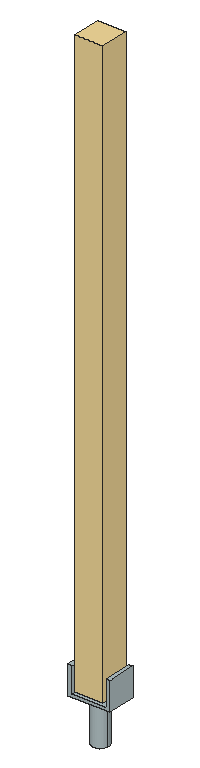
Revit family "STC_A3-AU-Timber-Column-Stirrup-01", category Structural Columns, Revit 2016
Family settings
  Section Shape = Not Defined
  Material for Model Behavior = Other
  Always export as geometry = No
  Beam cutback in plan = From bounding box
  Cut with Voids When Loaded = No
  Symbolic Representation = From Family
  Shared = No
  Show family pre-cut in plan views = Yes
Parameters (values of type "090x090 Column")
  Stirrup = Steet galvanised
  Material = Timber post
  A = 0.00 m²
  Ix = 0
  Iy = 0
  Sx = 0
  Sy = 0
  b = 90 mm
  d = 90 mm
Types (4, lengths in mm): name | Stirrup | Material | b | d
  (no name) | Steet galvanised | Timber post | 90 | 90
  140 x 140 | none | none | 140 | 140
  090x090 Column | Steet galvanised | Timber post | 90 | 90
  100x100 | none | none | 100 | 100
Reference planes
  plane 1 "Center (Front/Back)": y = 0
  plane 2: z = 0
  plane 3 "Center (Left/Right)": x = 0
  plane 4 "Left": x = -45
  plane 5 "Right": x = 45
  plane 6 "Front": y = 45
  plane 7 "Back": y = -45
  plane 8 "Stirrup cradle": z = 150
Forms (mm)
  Extrusion 1, solid, material "Timber post" <- "Material", detail levels medium+fine
    sketch origin (0, 0, 0) x (1, 0, 0) y (0, 1, 0)
      loop
        line (-45, 45) -> (-45, -45) -> (45, -45) -> (45, 45) -> (-45, 45)
    from 150 to 2000
  Extrusion 2, solid, material "Steet galvanised"
    sketch origin (0, -45, 0) x (1, 0, 0) y (0, 0, 1)
      loop
        line (-55, 219.938) -> (-65, 219.938) -> (-65, 130) -> (65, 130) -> (65, 219.938) -> (55, 219.938) -> (55, 140) -> (-55, 140) -> (-55, 219.938)
    from 0 to -90
  Extrusion 3, solid, material "Steet galvanised"
    sketch origin (0, 0, 0) x (1, 0, 0) y (0, 1, 0)
      loop
        circle (0, 0) r 25
    from 0 to 130
Lines and regions (mm)
  symbolic lines, style "StructuralColumnStickSymbols", detail levels coarse
    curve 1: line (-45, 45, 0) -> (45, 45, 0)
    curve 2: line (-45, -45, 0) -> (45, -45, 0)
    curve 4: line (-45, 45, 0) -> (-45, -45, 0)
    curve 5: line (45, 45, 0) -> (45, -45, 0)
  model lines, style "StructuralColumnStickSymbols", detail levels coarse
    curve 3: line (0, 0, 0) -> (0, 0, 2000)
Dimensions and locks
  equal spacing: plane 4 "Left", plane 3 "Center (Left/Right)", plane 5 "Right"
  equal spacing: plane 7 "Back", plane 1 "Center (Front/Back)", plane 6 "Front"
  "d": plane 7 "Back" to plane 6 "Front"
  "b": plane 4 "Left" to plane 5 "Right"
  locked: plane 8 "Stirrup cradle" to plane 2 at 150
  Extrusion 1 to Extrusion 2 sketch curve to Extrusion 2 sketch curve = 10 mm locked, 10 mm locked
  locked: Extrusion 2 sketch curve to Extrusion 2 sketch curve at 79.938
  aligned and locked: plane 6 "Front" to Extrusion 1 sketch curve
  aligned and locked: Extrusion 1 sketch curve to plane 7 "Back"
  aligned and locked: Extrusion 1 sketch curve to plane 4 "Left"
  aligned and locked: plane 5 "Right" to Extrusion 1 sketch curve
  aligned and locked: level to Extrusion 1
  aligned and locked: level to plane 2
  aligned and locked: plane 8 "Stirrup cradle" to Extrusion 1
  aligned and locked: plane 7 "Back" to Extrusion 2
  aligned and locked: Extrusion 2 to plane 6 "Front"
  aligned and locked: Extrusion 3 to level
Automatic sketch dimensions
  curve 4 to plane 4 "Left" = 0 mm
  curve 5 to plane 5 "Right" = 0 mm
  curve 4 to plane 7 "Back" = 0 mm
  curve 4 to plane 6 "Front" = 0 mm
  curve 3 to level = 0 mm  (x2)
  curve 3 to plane 3 "Center (Left/Right)" = 0 mm
  plane 4 "Left" to Extrusion 2 sketch curve = 20 mm
  plane 4 "Left" to Extrusion 2 sketch curve = 10 mm
  Extrusion 2 sketch curve to plane 5 "Right" = 10 mm
  Extrusion 2 sketch curve to Extrusion 2 sketch curve = 10 mm
  Extrusion 2 sketch curve to plane 8 "Stirrup cradle" = 69.938 mm
  Extrusion 3 sketch curve to plane 1 "Center (Front/Back)" = 0 mm
  Extrusion 3 sketch curve to plane 3 "Center (Left/Right)" = 0 mm
  Extrusion 3 sketch curve to plane 3 "Center (Left/Right)" = 25 mm
